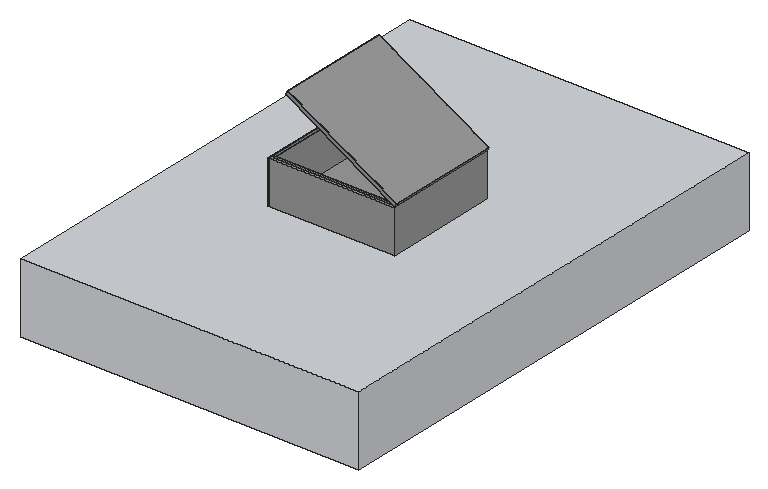
Revit family "Hager-Univers-IP44-D205-H500-Cl.II-Encl-FR-fr", category Equipement électrique, Revit 2020
Family settings
  Hôte = Face
  Configuration du panneau = Deux colonnes, circuits au sein
  Cote de connecteur circulaire = Utiliser le diamètre
  Type d'élément = Tableau de raccordement
  Couper avec des vides une fois chargée = Non
  Partagée = Non
  Point de calcul de pièce = Non
Parameters (values of type "saillie IP44 L550 H500 P205  - FP32QS")
  Width Control [instance] = if([EF000008 - largeur] > Min Width, [EF000008 - largeur], Min Width)  # 550 mm
  Commentaires du type = [HG000003 - Gamme]  # "Univers"
  Thickness Door [instance] = if([EF009171 - épaisseur de matériau de la porte/du couvercle] > 3 mm, 3 mm, [EF009171 - épaisseur de matériau de la porte/du couvercle])  # 1 mm
  Seal Frame Offset [instance] = 17 mm  # constant formula
  Plinth Visibility [instance] = [HG000027 - Hauteur du socle] > 0 mm  # no
  Model = ""
  Min Width [instance] = 100 mm  # constant formula
  Min Height [instance] = 100 mm  # constant formula
  Min Depth [instance] = (2 * [EF009170 - épaisseur de matériau du boîtier]) + 1 mm  # 3 mm
  Internal Frame Depth [instance] = (Door System Depth * 0.5)  # 9 mm
  Height Control [instance] = if([EF000040 - hauteur] > Min Height, [EF000040 - hauteur], Min Height)  # 500 mm
  HG000027 - Hauteur du socle = 0 mm
  HG000026 - Installation au sol = no
  HG000024 - Hauteur de la section basse = 800 mm
  HG000023 - Armoire double section = no
  HG000016 - Visibilité de la porte 3D [instance] = yes
  HG000015 - Visibilité de l'emprise de la porte [instance] = no
  HG000014 - Porte à droite [instance] = yes
  HG000013 - Porte à gauche [instance] = not([HG000014 - Porte à droite])  # no
  HG000012 - Angle de pivotement de la porte [instance] = 30.00°
  HG000010 - Portes asymétriques = no
  HG000009 - Porte à double battant = no
  HG000006 - Encastré = no
  HG000004 - Référence fabricant = "FP32QS"
  HG000003 - Gamme = "Univers"
  HG000002 - avec porte = yes
  Frame Offset Bottom [instance] = 10 mm  # constant formula
  Frame Offset [instance] = 15 mm  # constant formula
  EF015940 - couvercle avec décharge de pression = no
  EF011959 - degré de protection (NEMA) = ""
  EF009554 - nombre d'ouvertures pour plaques à bride = 4
  Fabricant = "Hager"  # constant formula
  EF009212 - finition du couvercle = "EV000116 - fermé"
  EF009171 - épaisseur de matériau de la porte/du couvercle = 1 mm
  EF009170 - épaisseur de matériau du boîtier = 1 mm
  EF008873 - courant nominal (In) = 250 A
  EF007800 - adapté à un parafoudre = no
  EF006306 - avec serrure = no
  EF006244 - couvercle/porte transparent(e) = no
  EF005474 - indice de protection (IP) = "EV006418 - IP44"
  EF004464 - type de porte = "EV002646 - unique"
  EF004427 - nombre de modules = 72
  EF004293 - indice de protection contre les chocs (IK) = "EV006815 - IK09"
  EF003532 - convient pour utilisation à l’extérieur = no
  EF002950 - largeur en nombre de modules = 24
  EF001613 - maintien de fonction = "EV000494 - sans"
  EF001596 - matériau du boîtier/corps = "EV000179 - acier"
  EF001131 - profondeur intérieure = 143 mm
  EF001088 - possibilité de montage en saillie = yes
  EF000437 - nombre d'entrées de conduit = 4
  EF000339 - type de capot = "EV001012 - couvercle"
  EF000266 - nombre de rangées = 3
  EF000218 - profondeur d'encastrement = 0 mm
  EF000118 - avec cadre/support de montage = no
  EF000116 - numéro RAL = "9010"
  EF000049 - profondeur = 205 mm
  EF000040 - hauteur = 500 mm
  EF000008 - largeur = 550 mm
  EF000007 - couleur = "EV000202 - blanc"
  EF000003 - mode de pose = "EV000384 - saillie"
  Door System Leaf Tolerance [instance] = 1.5 mm  # constant formula
  Door System Depth [instance] = 18 mm  # constant formula
  Door Height [instance] = Height Control - [HG000027 - Hauteur du socle]  # 500 mm
  Depth Control [instance] = if([EF000049 - profondeur] > Min Depth, [EF000049 - profondeur], Min Depth)  # 205 mm
  Default Elevation = 0 mm
  Connector Offset [instance] = Height Control / 2  # 250 mm
  Bottom Top Plate Trim [instance] = 1.5 mm  # constant formula
  Plinth height Ctrl [instance] = if([HG000027 - Hauteur du socle] > 0 mm, [HG000027 - Hauteur du socle], 12 mm)  # 12 mm
Types (2, lengths in mm): name | Width Control | HG000004 - Référence fabricant | EF009554 - nombre d'ouvertures pour plaques à bride | EF004427 - nombre de modules | EF002950 - largeur en nombre de modules | EF000437 - nombre d'entrées de conduit | EF000008 - largeur
  saillie IP44 L300 H500 P205  - FP31QS | 300 | "FP31QS" | 2 | 36 | 12 | 2 | 300
  saillie IP44 L550 H500 P205  - FP32QS | 550 | "FP32QS" | 4 | 72 | 24 | 4 | 550
Reference planes
  plane 1 "Center (Front/Back)": y = 0
  plane 2: z = 0
  plane 3 "Center (Left/Right)": x = 0
  plane 4: z = 205
  plane 5: y = 1
  plane 6: y = 250
  plane 7: y = 0
  plane 8: y = 500
  plane 9: z = 0
  plane 10: x = -260
  plane 11: x = 260
  plane 12: x = 259
  plane 13: x = -259
  plane 14: y = 499
  plane 15: x = -258
  plane 16: x = -275
  plane 17: x = 258
  plane 18: x = 275
  plane 19: x = 274
  plane 20: x = -274
  plane 21: y = 11
  plane 22: y = 500
  plane 23: y = 484
  plane 24: z = 187
  plane 25: z = 1
  plane 26: z = 186
  plane 27: z = 204
Forms (mm)
  Extrusion 1, solid
    sketch origin (0, 0, 0) x (1, 0, 0) y (0, 1, 0)
      loop
        line (-702.964, 1305) -> (-702.964, -811.445) -> (766.763, -811.445) -> (766.763, 1305) -> (-702.964, 1305)
    from 0 to -304.8
  Extrusion 2, solid, material "Hager_Steel_RAL7035_Light_Grey", visible <- "Plinth Visibility", detail levels medium+fine
    sketch origin (0, 0, 0) x (1, 0, 0) y (0, 1, 0)
      loop
        line (-275, 0) -> (275, 0) -> (275, 12) -> (-275, 12) -> (-275, 0)
    from 0 to 187
  Extrusion 3, solid, material "Hager_Steel_RAL7035_Light_Grey", detail levels medium+fine
    sketch origin (0, 0, 0) x (1, 0, 0) y (0, 1, 0)
      loop
        line (-275, 0) -> (275, 0) -> (275, 500) -> (-275, 500) -> (-275, 0)
    from 0 to 187
  Extrusion 4, void
    sketch origin (0, 0, 0) x (1, 0, 0) y (0, 1, 0)
      loop
        line (-274, 1) -> (274, 1) -> (274, 499) -> (-274, 499) -> (-274, 1)
    from 1 to 186
  Extrusion 5, void
    sketch origin (-381.607, -4572, 187) x (0, -1, 0) y (-1, 0, 0)
      loop
        line (-4583, -122.607) -> (-5056, -122.607) -> (-5056, -640.607) -> (-4583, -640.607) -> (-4583, -122.607)
    from 0 to 1 <- "EF009170 - épaisseur de matériau du boîtier"
  Extrusion 6, solid, material "Hager_Steel_RAL7035_Light_Grey", detail levels fine
    sketch origin (0, 0, 187) x (1, 0, 0) y (0, 1, 0)
      loop
        line (-259, 484) -> (-259, 11) -> (259, 11) -> (259, 484) -> (-259, 484)
      loop
        line (-260, 10) -> (260, 10) -> (260, 485) -> (-260, 485) -> (-260, 10)
    from 0 to 9 <- "Internal Frame Depth"
  Extrusion 7, solid, material "Hager_Steel_RAL7035_Light_Grey", detail levels coarse
    sketch origin (0, 0, 0) x (1, 0, 0) y (0, 1, 0)
      loop
        line (-275, 0) -> (275, 0) -> (275, 500) -> (-275, 500) -> (-275, 0)
    from 0 to 205
  Sweep 8, void
    path in 3D
      loop
        line (-275, 12, 0) -> (275, 12, 0) -> (275, 12, 187) -> (-275, 12, 187) -> (-275, 12, 0)
    profile origin (-275, 12, 93.5) x (-1, 0, 0) y (0, -1, 0)
      loop
        line (0, 0) -> (0, 1.5) -> (-1.5, 1.5)
        arc (-1.5, 1.5) -> (-1.061, 0.439) -> (0, 0) r 1.5
Cuts and joins
  Extrusion 4, Extrusion 5 cuts Extrusion 3
  Sweep 8 cuts Extrusion 2
Lines and regions (mm)
  Masking region 1
    outline origin (0, 0, 0) x (1, 0, 0) y (0, 0, 1)
      loop
        line (-275, 205) -> (-275, 0) -> (275, 0) -> (275, 205) -> (-275, 205)
  Masking region 2, detail levels medium+fine
    outline origin (0, 140, 0) x (0, 1, 0) y (0, 0, 1)
      loop
        line (-140, 0) -> (360, 0) -> (360, 187) -> (-140, 187) -> (-140, 0)
  Masking region 3, not visible, detail levels medium+fine
    outline origin (0, 297.922, 0) x (0, 1, 0) y (0, 0, 1)
      loop
        line (-36.422, 0) -> (3.578, 0) -> (3.578, 194)
        arc (3.578, 194) -> (0.649, 201.071) -> (-6.422, 204) r 10
        line (-6.422, 204) -> (-36.422, 204) -> (-36.422, 0)
  Masking region 4, detail levels coarse
    outline origin (0, 0, 180) x (0, 1, 0) y (0, 0, 1)
      loop
        line (0, -180) -> (500, -180) -> (500, 25) -> (0, 25) -> (0, -180)
  Masking region 5, visible <- "Plinth Visibility", detail levels medium+fine
    outline origin (0, 52.24, 12.345) x (0, 0, -1) y (0, 1, 0)
      loop
        line (10.845, -40.24) -> (-173.155, -40.24)
        arc (-173.155, -40.24) -> (-173.594, -41.301) -> (-174.655, -41.74) r 1.5
        line (-174.655, -41.74) -> (-174.655, -52.24) -> (12.345, -52.24) -> (12.345, -41.74)
        arc (12.345, -41.74) -> (11.285, -41.301) -> (10.845, -40.24) r 1.5
  Masking region 6, detail levels medium+fine
    outline origin (-381.607, -4572, 187) x (-1, 0, 0) y (0, -1, 0)
      loop
        line (-106.607, -5072) -> (-106.607, -4572) -> (-656.607, -4572) -> (-656.607, -5072) -> (-106.607, -5072)
  Masking region 7, visible <- "Plinth Visibility", detail levels medium+fine
    outline origin (-381.607, -4727, 187) x (-1, 0, 0) y (0, -1, 0)
      loop
        arc (-108.107, -4739) -> (-107.668, -4737.939) -> (-106.607, -4737.5) r 1.5
        line (-106.607, -4737.5) -> (-106.607, -4727) -> (-656.607, -4727) -> (-656.607, -4737.5)
        arc (-656.607, -4737.5) -> (-655.546, -4737.939) -> (-655.107, -4739) r 1.5
        line (-655.107, -4739) -> (-108.107, -4739)
  Masking region 8, detail levels coarse
    outline origin (-442.548, -4669.526, 187) x (-1, 0, 0) y (0, -1, 0)
      loop
        line (-167.548, -5169.526) -> (-167.548, -4669.526) -> (-717.548, -4669.526) -> (-717.548, -5169.526) -> (-167.548, -5169.526)
  sketch lines
    curve 1: line (-275, 12, 187) -> (-275, 12, 0)
    curve 2: line (275, 12, 187) -> (-275, 12, 187)
    curve 3: line (275, 12, 187) -> (275, 12, 0)
    curve 4: line (-275, 12, 0) -> (275, 12, 0)
Dimensions and locks
  "Depth Control": plane 4 to Extrusion 1
  "HG000027 - Hauteur du socle": plane 1 "Center (Front/Back)" to plane 7
  "EF009170 - épaisseur de matériau du boîtier": plane 5 to plane 7
  locked: connector elem to plane 3 "Center (Left/Right)"
  equal spacing: plane 8, plane 6, plane 7
  locked: connector elem to plane 6
  "EF009170 - épaisseur de matériau du boîtier": plane 8 to plane 14
  "EF009170 - épaisseur de matériau du boîtier": plane 10 to plane 13
  "EF009170 - épaisseur de matériau du boîtier": plane 12 to plane 11
  "Frame Offset": plane 20 to plane 13
  "Frame Offset": plane 12 to plane 19
  "EF009170 - épaisseur de matériau du boîtier": plane 16 to plane 20
  "EF009170 - épaisseur de matériau du boîtier": plane 19 to plane 18
  "Seal Frame Offset": plane 16 to plane 15
  "Seal Frame Offset": plane 17 to plane 18
  "Frame Offset Bottom": plane 21 to plane 5
  "Frame Offset": plane 14 to plane 23
  equal spacing: plane 16, plane 3 "Center (Left/Right)", plane 18
  "Width Control": plane 16 to plane 18
  "EF009170 - épaisseur de matériau du boîtier": plane 4 to plane 27
  "EF009170 - épaisseur de matériau du boîtier": plane 24 to plane 26
  "EF009170 - épaisseur de matériau du boîtier": plane 25 to level
  "Door System Depth": plane 4 to plane 24
  "Height Control": plane 1 "Center (Front/Back)" to Extrusion 7 sketch curve
  "Height Control": Masking region 4 sketch curve to plane 1 "Center (Front/Back)"
  "Height Control": plane 1 "Center (Front/Back)" to plane 22
  "Bottom Top Plate Trim": profile plane to Sweep 8 sketch curve
  "Bottom Top Plate Trim": Sweep 8 sketch curve to profile plane
  "Plinth height Ctrl": plane 1 "Center (Front/Back)" to Extrusion 2 sketch curve
  "Plinth height Ctrl": Masking region 5 sketch curve to plane 1 "Center (Front/Back)"
  "Plinth height Ctrl": plane 1 "Center (Front/Back)" to Masking region 7 sketch curve
  "Thickness Door": Extrusion 6 sketch curve to Extrusion 6 sketch curve  (x3)
  "Thickness Door": cut or joined group of Extrusion 3, Extrusion 4, Extrusion 5 to Extrusion 6 sketch curve
  radius of Masking region 3 sketch curve = 10 mm
  "Bottom Top Plate Trim": radius of Masking region 5 sketch curve  (x2)
  "Bottom Top Plate Trim": radius of Sweep 8 sketch curve
  "Bottom Top Plate Trim": radius of Masking region 7 sketch curve  (x2)
  aligned and locked: plane 2 to Extrusion 1
  aligned and locked: level to Extrusion 1
  aligned and locked: level to Masking region 1 sketch curve
  aligned and locked: Masking region 1 sketch curve to plane 18
  aligned and locked: Masking region 1 sketch curve to plane 16
  aligned and locked: plane 7 to Masking region 2 sketch curve
  aligned and locked: level to Masking region 3 sketch curve
  aligned and locked: Masking region 3 sketch curve to plane 27
  aligned and locked: level to Masking region 2 sketch curve
  aligned and locked: plane 1 "Center (Front/Back)" to Extrusion 2 sketch curve
  aligned and locked: Extrusion 3 sketch curve to plane 7
  aligned and locked: plane 16 to Extrusion 3 sketch curve
  aligned and locked: plane 18 to Extrusion 3 sketch curve
  aligned and locked: plane 20 to Extrusion 4 sketch curve
  aligned and locked: plane 19 to Extrusion 4 sketch curve
  aligned and locked: Extrusion 4 sketch curve to plane 5
  aligned and locked: Extrusion 4 to plane 25
  aligned and locked: plane 26 to Extrusion 4
  aligned and locked: plane 24 to Extrusion 3
  aligned and locked: Extrusion 5 sketch curve to plane 21
  aligned and locked: Extrusion 5 sketch curve to plane 13
  aligned and locked: Extrusion 5 sketch curve to plane 12
  aligned and locked: plane 18 to Extrusion 7 sketch curve
  aligned and locked: plane 1 "Center (Front/Back)" to Extrusion 7 sketch curve
  aligned and locked: plane 16 to Extrusion 7 sketch curve
  aligned and locked: plane 4 to Extrusion 7
  aligned and locked: Extrusion 7 to level
  aligned and locked: level to Masking region 4 sketch curve
  aligned and locked: Masking region 4 sketch curve to plane 1 "Center (Front/Back)"
  aligned and locked: Masking region 4 sketch curve to plane 4
  aligned and locked: nested 1 to level
  aligned and locked: nested 1 to plane 16
  aligned and locked: plane 8 to Extrusion 3 sketch curve
  aligned and locked: plane 23 to Extrusion 5 sketch curve
  aligned and locked: plane 14 to Extrusion 4 sketch curve
  aligned and locked: Masking region 2 sketch curve to plane 8
  aligned and locked: level to Masking region 5 sketch curve
  aligned and locked: plane 16 to Extrusion 2 sketch curve
  aligned and locked: plane 18 to Extrusion 2 sketch curve
  aligned and locked: Masking region 5 sketch curve to plane 24
  aligned and locked: Masking region 2 sketch curve to plane 24
  aligned and locked: plane 24 to Extrusion 2
  aligned and locked: profile plane to Sweep 8 sketch curve  (x2)
  aligned and locked: Masking region 6 sketch curve to plane 18
  aligned and locked: Masking region 6 sketch curve to plane 22
  aligned and locked: Masking region 6 sketch curve to plane 16
  aligned and locked: plane 8 to plane 22
  aligned and locked: plane 7 to Masking region 6 sketch curve
  aligned and locked: Masking region 7 sketch curve to plane 16
  aligned and locked: Masking region 7 sketch curve to plane 1 "Center (Front/Back)"
  aligned and locked: Masking region 7 sketch curve to plane 18
  aligned and locked: Masking region 8 sketch curve to plane 1 "Center (Front/Back)"
  aligned and locked: Masking region 8 sketch curve to plane 18
  aligned and locked: Masking region 8 sketch curve to plane 22
  aligned and locked: Masking region 8 sketch curve to plane 16
  aligned and locked: nested 2 to plane 7
  aligned and locked: plane 3 "Center (Left/Right)" to nested 2
  aligned and locked: nested 2 to plane 24
  aligned and locked: Extrusion 6 sketch curve to cut or joined group of Extrusion 3, Extrusion 4, Extrusion 5  (x4)
Automatic sketch dimensions
  Extrusion 1 sketch curve to Extrusion 1 sketch curve = 1469.727 mm
  Extrusion 1 sketch curve to Extrusion 1 sketch curve = 2116.445 mm
  Masking region 1 sketch curve to plane 4 = 0 mm
  plane 6 to Masking region 3 sketch curve = 11.5 mm
  Masking region 3 sketch curve to Masking region 3 sketch curve = 30 mm
  Masking region 5 sketch curve to plane 1 "Center (Front/Back)" = 0 mm
Nested families
  nested 1: "Hager_Enclosure_Symbol" at (-275, 0, 0) x (1, 0, 0) z (0, -1, 0), Height <- "Depth Control", Width <- "Width Control", type "Hager_Enclosure_Symbol"
    with Width_Ctrl 550 mm, Width 550 mm, Height_Ctrl 205 mm, Height 205 mm, A_Width_Int 13.453 mm, A_Width 161.438 mm, A_Height_Ctrl 179.375 mm, A_Height 179.375 mm
  nested 2: "EC000058_Univers_Door" at (0, 0, 187) x (1, 0, 0) z (0, 1, 0), Leaf_Tolerance <- "Door System Leaf Tolerance", Angle <- "HG000012 - Angle de pivotement de la porte", Door_Depth <- "Door System Depth", Door_Left <- "HG000013 - Porte à gauche", Transparent <- "EF006244 - couvercle/porte transparent(e)", Assymetrical <- "HG000010 - Portes asymétriques", Width <- "Width Control", Clearance <- "HG000015 - Visibilité de l'emprise de la porte", Double <- "HG000009 - Porte à double battant", 3d_Door <- "HG000016 - Visibilité de la porte 3D", Lock_Visibility <- "EF006306 - avec serrure", Width_Ctrl <- "Width Control", Door_Right <- "HG000014 - Porte à droite", Door <- "HG000002 - avec porte", Height <- "Door Height", Thickness <- "Thickness Door", type "EC000058_Univers_Door", detail levels medium+fine
    with min_wh 3 mm, Width_Ctrl 550 mm, Width 550 mm, Transparent no, Thickness 1 mm, Seal_Material Hager_Rubber, Lock_Visibility no, Lock_Material Hager_Plastic_RAL9005_Jet_Black, Leaf_Width 550 mm, Leaf_Tolerance_External_Sides 0 mm, Leaf_Tolerance 1.5 mm, Leaf_Offset 0 mm, Leaf_Height 497 mm, Leaf_2_Width 550 mm, Leaf_2_Offset 275 mm, Leaf_1_Width 550 mm, Leaf_1_Offset 275 mm, Height_Ctrl 500 mm, Height 500 mm, Glass_Material Hager_Glass, Double_Clearance_Ctrl no, Double no, Door_Right_Ctrl yes, Door_Right yes, Door_Material Hager_Steel_RAL7035_Light_Grey, Door_Left_Ctrl no, Door_Left no, Door_Depth 18 mm, Door yes, Clearance_Material Hager_Clearance, Clearance_Depth 550 mm, Clearance_Ctrl no, Clearance no, Assymetrical no, Angle 30.00°, 3d_Door yes
Connectors
  electrical at (0, 250, 0)
    settings: on plane 9, index 1, voltage 0 V, apparent load 0 VA, apparent load phase1 0 VA, apparent load phase2 0 VA, apparent load phase3 0 VA, power factor 1, load classification "Other", number of poles 1, system type 30, power factor state 1, is connector primary yes, connector utility no, sub classification motor no, connector description ""
Definition of nested family "EC000058_Univers_Door"
  Parameters (values of type "EC000058_Univers_Door")
    min_wh [instance] = (2 * Thickness) + 1 mm  # 11 mm
    Width_Ctrl [instance] = 400 mm
    Width [instance] = 500 mm
    Transparent [instance] = yes
    Thickness [instance] = 5 mm
    Seal_Material [instance] = none
    Lock_Visibility [instance] = yes
    Lock_Material [instance] = none
    Leaf_Width [instance] = if((Width_Ctrl - 2 * Leaf_Tolerance_External_Sides) > 0 mm, (Width_Ctrl - 2 * Leaf_Tolerance_External_Sides), min_wh)  # 400 mm
    Leaf_Tolerance_External_Sides [instance] = 0 mm  # constant formula
    Leaf_Tolerance [instance] = 1.5 mm
    Leaf_Offset [instance] = 0 mm  # constant formula
    Leaf_Height [instance] = if((Height_Ctrl - 2 * Leaf_Tolerance) > 0 mm, (Height_Ctrl - 2 * Leaf_Tolerance), min_wh)  # 497 mm
    Leaf_2_Width [instance] = if(and(and(Double, Assymetrical), Door_Left), (Leaf_Width / 3) - (Leaf_Tolerance / 2), if(and(and(Double, Assymetrical), Door_Right), (Leaf_Width / 3) * 2 - (Leaf_Tolerance / 2), if(and(Double, not(Assymetrical)), (Leaf_Width / 2) - Leaf_Tolerance, Leaf_Width)))  # 400 mm
    Leaf_2_Offset [instance] = if(and(Double, Assymetrical), Leaf_2_Width / 2, if(and(Double, not(Assymetrical)), Leaf_Width / 4, Leaf_Width / 2))  # 200 mm
    Leaf_1_Width [instance] = if(and(and(Double, Assymetrical), Door_Right), (Leaf_Width / 3) - (Leaf_Tolerance / 2), if(and(and(Double, Assymetrical), Door_Left), (Width / 3) * 2 - (Leaf_Tolerance / 2), if(and(Double, not(Assymetrical)), (Leaf_Width / 2) - Leaf_Tolerance, Leaf_Width)))  # 400 mm
    Leaf_1_Offset [instance] = if(and(Double, Assymetrical), Leaf_1_Width / 2, if(and(Double, not(Assymetrical)), Leaf_Width / 4, Leaf_Width / 2))  # 200 mm
    Height_Ctrl [instance] = if(Height > min_wh, Height, min_wh)  # 500 mm
    Height [instance] = 500 mm
    Glass_Material [instance] = none
    Double_Clearance_Ctrl [instance] = and(Double, Clearance)  # no
    Double [instance] = no
    Door_Right_Ctrl [instance] = and(or(Door_Right, Double), Door)  # yes
    Door_Right [instance] = yes
    Door_Material [instance] = none
    Door_Left_Ctrl [instance] = and(or(Door_Left, Double), Door)  # no
    Door_Left [instance] = no
    Door_Depth [instance] = 30 mm
    Door [instance] = yes
    Default Elevation = 1219.2 mm
    Clearance_Material [instance] = none
    Clearance_Depth [instance] = if(Leaf_1_Width > Leaf_2_Width, Leaf_1_Width, Leaf_2_Width)  # 400 mm
    Clearance_Ctrl [instance] = and(not(Double), Clearance)  # yes
    Clearance [instance] = yes
    Assymetrical [instance] = yes
    Angle [instance] = 30.00°
    3d_Door [instance] = yes
  Reference planes
    plane 1 "Center (Front/Back)": y = 0
    plane 2 "Bottom": z = 0
    plane 3 "Center (Left/Right)": x = 0
    plane 4: z = 500
    plane 5: x = -200
    plane 6: x = 200
    plane 7: z = 500
    plane 8: x = -200
    plane 9: z = 0
    plane 10: x = 200
    plane 11: y = 0
    plane 12: z = 1.5
    plane 13: x = -600
    plane 14: y = -400
    plane 15: x = 600
    plane 16: x = 0
    plane 17: x = 0
    plane 18: x = -200
    plane 19: x = 200
    plane 20: z = 498.5
  Forms (mm)
    Extrusion 1, solid, material <- "Clearance_Material", visible <- "Double_Clearance_Ctrl"
      sketch origin (1200, 0, 0) x (1, 0, 0) y (0, 0, -1)
        loop
          line (-1800, -498.5) -> (-600, -498.5) -> (-600, 0) -> (-1800, 0) -> (-1800, -498.5)
      from 0 to -400
  Dimensions and locks
    equal spacing: plane 5, plane 3 "Center (Left/Right)", plane 6
    "Width_Ctrl": plane 5 to plane 6
    "Leaf_Offset": plane 5 to plane 8
    "Leaf_Offset": plane 6 to plane 10
    "Leaf_Offset": plane 9 to level
    "Leaf_Offset": plane 4 to plane 7
    "Height_Ctrl": plane 4 to level
    "Leaf_Tolerance": plane 12 to plane 9
    locked: plane 11 to plane 1 "Center (Front/Back)"
    "Leaf_1_Offset": plane 18 to plane 16
    "Leaf_2_Offset": plane 17 to plane 19
    "Leaf_1_Width": plane 13 to plane 8
    "Leaf_2_Width": plane 10 to plane 15
    "Clearance_Depth": plane 14 to plane 1 "Center (Front/Back)"
    "Leaf_Tolerance_External_Sides": plane 8 to plane 18
    "Leaf_Tolerance_External_Sides": plane 19 to plane 10
    "Leaf_Tolerance": plane 7 to plane 20
    aligned and locked: level to plane 2 "Bottom"
    aligned and locked: nested 1 to plane 16
    aligned and locked: nested 2 to plane 17
    aligned and locked: Extrusion 1 to plane 13
    aligned and locked: plane 15 to Extrusion 1
    aligned and locked: Extrusion 1 to plane 14
    aligned and locked: plane 12 to nested 1
    aligned and locked: nested 2 to plane 12
    aligned and locked: Extrusion 1 to plane 11
    aligned and locked: plane 20 to Extrusion 1
    aligned and locked: nested 2 to plane 11
    aligned and locked: nested 1 to plane 11
  Automatic sketch dimensions
    Extrusion 1 sketch curve to level = 0 mm
    plane 5 to Extrusion 1 sketch curve = 400 mm
    plane 6 to Extrusion 1 sketch curve = 400 mm
    Extrusion 1 sketch curve to plane 4 = 1.5 mm
  Nested families
    nested 1: "EC000058_Univers_Door_Leaf" at (0, 0, 1.5), Width <- "Leaf_1_Width", visible <- "Door_Left_Ctrl", Leaf_Height <- "Leaf_Height", Angle <- "Angle", 3d_Door <- "3d_Door", Transparent <- "Transparent", Clearance Material <- "Clearance_Material", Clearance <- "Clearance_Ctrl", Door_Material <- "Door_Material", Glass_Material <- "Glass_Material", Door_Depth <- "Door_Depth", Lock_Material <- "Lock_Material", Seal_Material <- "Seal_Material", Lock_Visibility <- "Lock_Visibility", Thickness <- "Thickness", type "EC000058_Univers_Door_Leaf"
      with Width 400 mm, Transparent_Glass_Offset 30 mm, Transparent_Ctrl yes, Transparent yes, Thickness 5 mm, Standard no, Seal_Material none, Seal_D2 8 mm, Seal_D1 1 mm, Offset_Internal_Frame 10 mm, Lock_Width 20 mm, Lock_Visibility_3d yes, Lock_Visibility yes, Lock_Thickness_3 3 mm, Lock_Thickness_2 1 mm, Lock_Thickness_1 3 mm, Lock_Radius_Offset_2 16 mm, Lock_Radius_Offset_1 15 mm, Lock_Radius_2 5 mm, Lock_Radius 6 mm, Lock_Offset 5 mm, Lock_Material none, Lock_Height 80 mm, Lock_Cover_Top_Offset_2d 17 mm, Lock_Cover_Height -65 mm, Leaf_Height 497 mm, Internal_Seal_Thickness 8 mm, Internal_Seal_Depth_2 4.5 mm, Internal_Frame_Depth 25 mm, Glass_Thickness -1 mm, Glass_Offset -2 mm, Glass_Material none, Door_Material none, Door_Depth 30 mm, Clearance Material none, Clearance yes, Angle_Ctrl 30.00°, Angle 30.00°, 3d_Door yes
    nested 2: "EC000058_Univers_Door_Leaf" at (0, 0, 1.5) x (-1, 0, 0) z (0, 0, 1), Width <- "Leaf_2_Width", visible <- "Door_Right_Ctrl", Leaf_Height <- "Leaf_Height", Angle <- "Angle", 3d_Door <- "3d_Door", Transparent <- "Transparent", Clearance Material <- "Clearance_Material", Clearance <- "Clearance_Ctrl", Door_Material <- "Door_Material", Glass_Material <- "Glass_Material", Door_Depth <- "Door_Depth", Lock_Material <- "Lock_Material", Seal_Material <- "Seal_Material", Lock_Visibility <- "Lock_Visibility", Thickness <- "Thickness", type "EC000058_Univers_Door_Leaf"
      with Width 400 mm, Transparent_Glass_Offset 30 mm, Transparent_Ctrl yes, Transparent yes, Thickness 5 mm, Standard no, Seal_Material none, Seal_D2 8 mm, Seal_D1 1 mm, Offset_Internal_Frame 10 mm, Lock_Width 20 mm, Lock_Visibility_3d yes, Lock_Visibility yes, Lock_Thickness_3 3 mm, Lock_Thickness_2 1 mm, Lock_Thickness_1 3 mm, Lock_Radius_Offset_2 16 mm, Lock_Radius_Offset_1 15 mm, Lock_Radius_2 5 mm, Lock_Radius 6 mm, Lock_Offset 5 mm, Lock_Material none, Lock_Height 80 mm, Lock_Cover_Top_Offset_2d 17 mm, Lock_Cover_Height -65 mm, Leaf_Height 497 mm, Internal_Seal_Thickness 8 mm, Internal_Seal_Depth_2 4.5 mm, Internal_Frame_Depth 25 mm, Glass_Thickness -1 mm, Glass_Offset -2 mm, Glass_Material none, Door_Material none, Door_Depth 30 mm, Clearance Material none, Clearance yes, Angle_Ctrl 30.00°, Angle 30.00°, 3d_Door yes
  Definition of nested family "EC000058_Univers_Door_Leaf"
    Parameters (values of type "EC000058_Univers_Door_Leaf")
      Width [instance] = 2000 mm
      Transparent_Glass_Offset [instance] = 30 mm
      Transparent_Ctrl [instance] = and(Transparent, [3d_Door])  # yes
      Transparent [instance] = yes
      Thickness [instance] = 5 mm
      Standard [instance] = and(not(Transparent), [3d_Door])  # no
      Seal_Material [instance] = none
      Seal_D2 [instance] = 8 mm  # constant formula
      Seal_D1 [instance] = 1 mm  # constant formula
      Offset_Internal_Frame [instance] = 10 mm  # constant formula
      Lock_Width [instance] = 20 mm  # constant formula
      Lock_Visibility_3d [instance] = and(Lock_Visibility, [3d_Door])  # yes
      Lock_Visibility [instance] = yes
      Lock_Thickness_3 [instance] = 3 mm  # constant formula
      Lock_Thickness_2 [instance] = 1 mm  # constant formula
      Lock_Thickness_1 [instance] = 3 mm  # constant formula
      Lock_Radius_Offset_2 [instance] = Lock_Radius_Offset_1 + 1 mm  # 16 mm
      Lock_Radius_Offset_1 [instance] = 15 mm  # constant formula
      Lock_Radius_2 [instance] = Lock_Radius - 1 mm  # 5 mm
      Lock_Radius [instance] = 6 mm  # constant formula
      Lock_Offset [instance] = 5 mm  # constant formula
      Lock_Material [instance] = none
      Lock_Height [instance] = 80 mm  # constant formula
      Lock_Cover_Top_Offset_2d [instance] = Lock_Radius_Offset_2 + 1 mm  # 17 mm
      Lock_Cover_Height [instance] = -(Lock_Height - Lock_Radius_Offset_1)  # -65 mm
      Leaf_Height [instance] = 2720.336 mm
      Internal_Seal_Thickness [instance] = 8 mm  # constant formula
      Internal_Seal_Depth_2 [instance] = 4.5 mm  # constant formula
      Internal_Frame_Depth [instance] = if(Door_Depth - Thickness > 5 mm, Door_Depth - Thickness, 5 mm)  # 25 mm
      Glass_Thickness [instance] = if(Thickness > 15 mm, Glass_Offset + 10 mm, -1 mm)  # -1 mm
      Glass_Offset [instance] = if(Thickness > 15 mm, -(Thickness + 10 mm) / 2, -2 mm)  # -2 mm
      Glass_Material [instance] = none
      Door_Material [instance] = none
      Door_Depth [instance] = 30 mm
      Default Elevation = 0 mm
      Clearance Material [instance] = none
      Clearance [instance] = yes
      Angle_Ctrl [instance] = if(Angle > 180.00°, 180.00°, Angle)  # 90.00°
      Angle [instance] = 90.00°
      3d_Door [instance] = yes
    Reference planes
      plane 1 "Center (Front/Back)": y = 0
      plane 2: z = 0
      plane 3 "Center (Left/Right)": x = 0
      plane 4: y = 2000
      plane 5: x = -1000
      plane 6: x = 1000
      plane 7: x = -3000
      plane 8: z = 2720.336
      plane 9: z = 30
      plane 10: z = 2690.336
      plane 11: x = 970
      plane 12: x = -970
      plane 13: y = -3
      plane 14: z = 107.833
      plane 15: y = -5
      plane 16: y = -223.314
      plane 17: x = -1000
      plane 18: z = 1360.168
      plane 19: y = 30
    Forms (mm)
      Extrusion 1, solid, material <- "Clearance Material", visible <- "Clearance"
        sketch origin (0, 0, 0) x (1, 0, 0) y (0, 0, 1)
          loop
            line (-3000, 2720.336) -> (-3000, 0) -> (1000, 0) -> (1000, 2720.336) -> (-3000, 2720.336)
        from 0 to -2000
      Extrusion 2, solid, material <- "Door_Material", visible <- "Standard", detail levels medium+fine
        sketch origin (-1000, 0, 0) x (0, 1, 0) y (-1, 0, 0)
          loop
            line (0, 30) -> (0, 25) -> (2000, 25) -> (2000, 30) -> (0, 30)
        from 0 to 2720.336 <- "Leaf_Height"
      Extrusion 3, solid, material <- "Door_Material", visible <- "Transparent_Ctrl", detail levels medium+fine
        sketch origin (-1000, 0, 0) x (0, 1, 0) y (-1, 0, 0)
          loop
            line (0, 25) -> (2000, 25) -> (2000, 30) -> (0, 30) -> (0, 25)
        from 0 to 2720.336 <- "Leaf_Height"
      Extrusion 4, void
        sketch origin (-1025, 2000, 0) x (0, 1, 0) y (0, 0, -1)
          loop
            line (-30, -2690.336) -> (-30, -30) -> (-1970, -30) -> (-1970, -2690.336) -> (-30, -2690.336)
        from 0 to 5 <- "Thickness"
      Sweep 5, solid, material <- "Seal_Material", visible <- "Transparent_Ctrl", detail levels fine
        path in 3D
          loop
            line (-1025, 30, 30) -> (-1025, 30, 2690.336) -> (-1025, 1970, 2690.336) -> (-1025, 1970, 30) -> (-1025, 30, 30)
        profile origin (-1025, 1000, 30) x (1, 0, 0) y (0, 0, 1)
          loop
            line (0, 0) -> (0, -8) -> (1, -8) -> (1, 0) -> (0, 0)
      Extrusion 6, solid, material <- "Glass_Material", visible <- "Transparent_Ctrl", detail levels medium+fine
        sketch origin (-1030, 0, 0) x (0, 1, 0) y (0, 0, -1)
          loop
            line (1970, -2690.336) -> (1970, -30) -> (30, -30) -> (30, -2690.336) -> (1970, -2690.336)
        from -2 <- "Glass_Offset" to -1 <- "Glass_Thickness"
      Extrusion 7, solid, material <- "Door_Material", visible <- "3d_Door", detail levels medium+fine
        sketch origin (-1025, 2000, 0) x (0, -1, 0) y (0, 0, -1)
          loop
            line (0, -2720.336) -> (2000, -2720.336) -> (2000, 0) -> (0, 0) -> (0, -2720.336)
          loop
            line (1995, -5) -> (5, -5) -> (5, -2715.336) -> (1995, -2715.336) -> (1995, -5)
        from 0 to 25 <- "Internal_Frame_Depth"
      Sweep 8, solid, material <- "Seal_Material", visible <- "Transparent_Ctrl", detail levels fine
        path in 3D
          loop
            line (-1025, 0, 0) -> (-1025, 2000, 0) -> (-1025, 2000, 2720.336) -> (-1025, 0, 2720.336) -> (-1025, 0, 0)
        profile origin (-1025, 0, 1360.168) x (1, 0, 0) y (0, 1, 0)
          loop
            line (0, 10) -> (2.975, 10)
            arc (2.975, 10) -> (4.053, 10.447) -> (4.5, 11.525) r 1.525
            line (4.5, 11.525) -> (4.5, 16.527)
            arc (4.5, 16.527) -> (4.069, 17.569) -> (3.027, 18) r 1.473
            line (3.027, 18) -> (0, 18) -> (0, 10)
      Extrusion 9, solid, material <- "Lock_Material", visible <- "Lock_Visibility_3d", detail levels fine
        sketch origin (-1030, 0, 0) x (0, 1, 0) y (0, 0, -1)
          loop
            arc (1993.5, -1400.168) -> (1994.561, -1399.729) -> (1995, -1398.668) r 1.5
            line (1995, -1398.668) -> (1995, -1320.168) -> (1975, -1320.168) -> (1975, -1398.668)
            arc (1975, -1398.668) -> (1975.439, -1399.729) -> (1976.5, -1400.168) r 1.5
            line (1976.5, -1400.168) -> (1993.5, -1400.168)
        from 3 <- "Lock_Thickness_1" to 0
      Blend 10, solid, material <- "Lock_Material", visible <- "Lock_Visibility_3d", detail levels fine
        base sketch origin (-1033, 0, 0) x (0, 1, 0) y (0, 0, -1)
          loop
            line (1975, -1320.168) -> (1975, -1398.668)
            arc (1975, -1398.668) -> (1975.439, -1399.729) -> (1976.5, -1400.168) r 1.5
            line (1976.5, -1400.168) -> (1993.5, -1400.168)
            arc (1993.5, -1400.168) -> (1994.561, -1399.729) -> (1995, -1398.668) r 1.5
            line (1995, -1398.668) -> (1995, -1320.168) -> (1975, -1320.168)
        top sketch origin (-1033, 0, 0) x (0, 1, 0) y (0, 0, -1)
          loop
            line (1976, -1320.168) -> (1976, -1398.668)
            arc (1976, -1398.668) -> (1976.146, -1399.022) -> (1976.5, -1399.168) r 0.5
            line (1976.5, -1399.168) -> (1993.5, -1399.168)
            arc (1993.5, -1399.168) -> (1993.854, -1399.022) -> (1994, -1398.668) r 0.5
            line (1994, -1398.668) -> (1994, -1320.168) -> (1976, -1320.168)
        from 0 to 1 <- "Lock_Thickness_2"
      Blend 11, solid, material <- "Lock_Material", visible <- "Lock_Visibility_3d", detail levels fine
        base sketch origin (-1034, 0, 0) x (0, 1, 0) y (0, 0, -1)
          loop
            line (1978, -1320.168) -> (1978, -1384.168)
            arc (1978, -1384.168) -> (1985, -1391.168) -> (1992, -1384.168) r 7
            line (1992, -1384.168) -> (1992, -1320.168) -> (1978, -1320.168)
        top sketch origin (-1034, 0, 0) x (0, 1, 0) y (0, 0, -1)
          loop
            line (1991, -1320.168) -> (1979, -1320.168) -> (1979, -1383.168)
            arc (1979, -1383.168) -> (1985, -1389.168) -> (1991, -1383.168) r 6
            line (1991, -1383.168) -> (1991, -1320.168)
        from 0 to 3 <- "Lock_Thickness_3"
      Extrusion 12, solid, material <- "Lock_Material", visible <- "Lock_Visibility_3d", detail levels fine
        sketch origin (-1030, 1975, 1320.168) x (1, 0, 0) y (0, -1, 0)
          loop
            line (-7, -19) -> (-7, -1) -> (0, -1) -> (0, 0) -> (-8, 0) -> (-8, -20) -> (0, -20) -> (0, -19) -> (-7, -19)
        from 0 to -65 <- "Lock_Cover_Height"
      Extrusion 13, void
        sketch origin (-1038, 1995, 1320.168) x (-1, 0, 0) y (0, 0, -1)
          loop
            line (-5, -65) -> (0, -65) -> (-5, -60) -> (-5, -65)
        from 0 to 20 <- "Lock_Width"
      Extrusion 14, void
        sketch origin (-1038, 1975, 1320.168) x (0, -1, 0) y (0, 0, -1)
          loop
            circle (-10, -15.995) r 6
          loop
            circle (-10, -15.995) r 5
        from 0 to 2
      Extrusion 15, solid, material <- "Lock_Material", visible <- "Lock_Visibility_3d", detail levels medium
        sketch origin (-1030, 0, 0) x (0, 1, 0) y (0, 0, -1)
          loop
            arc (1993.5, -1400.168) -> (1994.561, -1399.729) -> (1995, -1398.668) r 1.5
            line (1995, -1398.668) -> (1995, -1320.168) -> (1975, -1320.168) -> (1975, -1398.668)
            arc (1975, -1398.668) -> (1975.439, -1399.729) -> (1976.5, -1400.168) r 1.5
            line (1976.5, -1400.168) -> (1993.5, -1400.168)
        from 8 to 0
    Cuts and joins
      Extrusion 4 cuts Extrusion 3
      Extrusion 13, Extrusion 14 cuts Extrusion 9
      Extrusion 14 cuts Blend 11
      Extrusion 13, Extrusion 14 cuts Extrusion 12
      joined: Extrusion 9, Blend 10, Blend 11, Extrusion 12
      Extrusion 14 cuts Extrusion 15
    Lines and regions (mm)
      Masking region 1, visible <- "Lock_Visibility", detail levels fine
        outline origin (0, 0, 0) x (0, 1, 0) y (0, 0, 1)
          loop
            line (30, 1320.168) -> (33, 1320.168) -> (33, 1400.168) -> (30, 1400.168) -> (30, 1320.168)
      Masking region 2, visible <- "Lock_Visibility", detail levels fine
        outline origin (0, 3.143, 0) x (0, 1, 0) y (0, 0, 1)
          loop
            line (29.857, 1354.168) -> (30.857, 1354.168) -> (30.857, 1366.168) -> (29.857, 1366.168) -> (29.857, 1354.168)
      Masking region 3, detail levels medium+fine
        outline origin (0, 0, 0) x (0, 1, 0) y (0, 0, 1)
          loop
            line (0, 0) -> (30, 0) -> (30, 2720.336) -> (0, 2720.336) -> (0, 0)
      Masking region 4, detail levels medium+fine
        outline origin (0, 0, 0) x (1, 0, 0) y (0, 0, 1)
          loop
            line (-1000, 2720.336) -> (-1000, 0) -> (1000, 0) -> (1000, 2720.336) -> (-1000, 2720.336)
      Masking region 5, visible <- "Lock_Visibility", detail levels fine
        outline origin (-47.116, 0, 0) x (1, 0, 0) y (0, 0, 1)
          loop
            arc (1024.616, 1399.168) -> (1023.556, 1398.729) -> (1023.116, 1397.668) r 1.5
            line (1023.116, 1397.668) -> (1023.116, 1320.168) -> (1041.116, 1320.168) -> (1041.116, 1397.668)
            arc (1041.116, 1397.668) -> (1040.677, 1398.729) -> (1039.616, 1399.168) r 1.5
            line (1039.616, 1399.168) -> (1024.616, 1399.168)
      Masking region 6, visible <- "Lock_Visibility", detail levels medium+fine
        outline origin (-25, 0, 0) x (1, 0, 0) y (0, 0, 1)
          loop
            arc (1001.5, 1400.168) -> (1000.439, 1399.729) -> (1000, 1398.668) r 1.5
            line (1000, 1398.668) -> (1000, 1320.168) -> (1020, 1320.168) -> (1020, 1398.668)
            arc (1020, 1398.668) -> (1019.561, 1399.729) -> (1018.5, 1400.168) r 1.5
            line (1018.5, 1400.168) -> (1001.5, 1400.168)
      Masking region 7, visible <- "Lock_Visibility", detail levels fine
        outline origin (-73.735, 0, 0) x (1, 0, 0) y (0, 0, 1)
          loop
            line (1051.735, 1382.168) -> (1065.735, 1382.168) -> (1065.735, 1384.168)
            arc (1065.735, 1384.168) -> (1058.735, 1391.168) -> (1051.735, 1384.168) r 7
            line (1051.735, 1384.168) -> (1051.735, 1382.168)
      Masking region 8, visible <- "Lock_Visibility", detail levels fine
        outline origin (-73.735, 0, 0) x (1, 0, 0) y (0, 0, 1)
          loop
            line (1052.735, 1382.168) -> (1064.735, 1382.168) -> (1064.735, 1383.168)
            arc (1064.735, 1383.168) -> (1058.735, 1389.168) -> (1052.735, 1383.168) r 6
            line (1052.735, 1383.168) -> (1052.735, 1382.168)
      Masking region 9, visible <- "Lock_Visibility", detail levels fine
        outline origin (-25, 0, 0) x (1, 0, 0) y (0, 0, 1)
          loop
            line (1020, 1320.168) -> (1020, 1382.168) -> (1000, 1382.168) -> (1000, 1320.168) -> (1020, 1320.168)
      Masking region 10, detail levels medium+fine
        outline origin (0, 0, 0) x (1, 0, 0) y (0, 0, 1)
          loop
            circle (985, 1335.144) r 6
      Masking region 11, detail levels fine
        outline origin (0, 0, 0) x (1, 0, 0) y (0, 0, 1)
          loop
            circle (985, 1335.144) r 5
      Masking region 12, visible <- "Lock_Visibility", detail levels fine
        outline origin (0, 12.767, 0) x (0, 1, 0) y (0, 0, 1)
          loop
            line (20.233, 1320.168) -> (21.233, 1320.168) -> (21.233, 1399.168) -> (20.233, 1400.168) -> (20.233, 1320.168)
      Masking region 13, visible <- "Lock_Visibility", detail levels fine
        outline origin (0, 13.767, -10) x (0, 1, 0) y (0, 0, 1)
          loop
            line (20.233, 1330.168) -> (23.233, 1330.168) -> (23.233, 1399.168) -> (20.233, 1402.168) -> (20.233, 1330.168)
      Masking region 14, visible <- "Lock_Visibility", detail levels fine
        outline origin (0, 12.767, -10) x (0, 1, 0) y (0, 0, 1)
          loop
            line (20.233, 1330.168) -> (25.233, 1330.168) -> (25.233, 1399.305) -> (20.233, 1394.305) -> (20.233, 1330.168)
      Masking region 15, visible <- "Lock_Visibility", detail levels medium
        outline origin (0, 0, 0) x (0, 1, 0) y (0, 0, 1)
          loop
            line (30, 1320.168) -> (38, 1320.168) -> (38, 1400.168) -> (30, 1400.168) -> (30, 1320.168)
      Masking region 16, visible <- "Lock_Visibility", detail levels fine
        outline origin (-1000, 0, 0) x (0, 1, 0) y (-1, 0, 0)
          loop
            line (1975, 30) -> (1995, 30) -> (1995, 38) -> (1975, 38) -> (1975, 30)
          loop
            line (1979, 37) -> (1976, 37) -> (1976, 34) -> (1978, 34) -> (1979, 37)
          loop
            line (1994, 37) -> (1991, 37) -> (1992, 34) -> (1994, 34) -> (1994, 37)
      Masking region 17, visible <- "Lock_Visibility", detail levels medium
        outline origin (-1000, 0, 0) x (0, 1, 0) y (-1, 0, 0)
          loop
            line (1975, 30) -> (1995, 30) -> (1995, 38) -> (1975, 38) -> (1975, 30)
      symbolic lines
        curve 1: line (1000, 0, 0) -> (-3000, 0, 0)
        curve 2: arc (1000, 0, 0) -> (-1000, 2000, 0) -> (-3000, 0, 0) r 2000
        curve 4: line (-1030, 0, 0) -> (-1030, 2000, 0)
      reference lines
        curve 3: line (-1000, 0, 0) -> (-1000, 2000, 0)
      symbolic lines, detail levels medium+fine
        curve 5: line (-1030, 2000, 0) -> (-1025, 2000, 0)
        curve 7: line (-1025, 0, 0) -> (-1030, 0, 0)
        curve 8: line (-1025, 0, 0) -> (-1000, 0, 0)
        curve 9: line (-1000, 0, 0) -> (-1000, 2000, 0)
        curve 10: line (-1000, 2000, 0) -> (-1025, 2000, 0)
      symbolic lines, detail levels fine
        curve 6: line (-1025, 2000, 0) -> (-1025, 0, 0)
      sketch lines
        curve 11: line (-1025, 0, 2720.336) -> (-1025, 0, 0)
        curve 12: line (-1025, 2000, 0) -> (-1025, 0, 0)
        curve 13: line (-1025, 2000, 2720.336) -> (-1025, 2000, 0)
        curve 14: line (-1025, 0, 2720.336) -> (-1025, 2000, 2720.336)
        curve 15: line (-1025, 1970, 30) -> (-1025, 30, 30)
        curve 16: line (-1025, 30, 30) -> (-1025, 30, 2690.336)
        curve 17: line (-1025, 1970, 2690.336) -> (-1025, 1970, 30)
        curve 18: line (-1025, 30, 2690.336) -> (-1025, 1970, 2690.336)
      symbolic lines, visible <- "Transparent", detail levels medium+fine
        curve 19: line (-970, 0, 2690.336) -> (970, 0, 2690.336)
        curve 20: line (-970, 0, 30) -> (-970, 0, 2690.336)
        curve 21: line (970, 0, 30) -> (-970, 0, 30)
        curve 22: line (970, 0, 2690.336) -> (970, 0, 30)
    Dimensions and locks
      "Width": plane 1 "Center (Front/Back)" to plane 4
      equal spacing: plane 5, plane 3 "Center (Left/Right)", plane 6
      "Width": plane 5 to plane 6
      "Width": plane 7 to plane 5
      "Leaf_Height": plane 8 to level
      "Width": curve 5 to curve 3
      "Width": curve 3 to curve 3
      plane 8 to plane 10 = 30 mm
      plane 9 to level = 30 mm
      plane 12 to plane 5 = 30 mm
      plane 6 to plane 11 = 30 mm
      Extrusion 1 to Extrusion 4 sketch curve = 30 mm
      "Transparent_Glass_Offset": curve 3 to Extrusion 4 sketch curve
      "Transparent_Glass_Offset": Extrusion 4 sketch curve to cut or joined group of Extrusion 3, Extrusion 4  (x2)
      cut or joined group of Extrusion 3, Extrusion 4 to Extrusion 6 sketch curve = 30 mm
      "Transparent_Glass_Offset": cut or joined group of Extrusion 3, Extrusion 4 to Extrusion 4 sketch curve
      "Thickness": curve 6 to curve 4
      "Thickness": Extrusion 7 sketch curve to Extrusion 7 sketch curve  (x4)
      "Door_Depth": curve 4 to curve 3
      "Offset_Internal_Frame": profile plane to Sweep 8 sketch curve
      "Internal_Seal_Thickness": Sweep 8 sketch curve to Sweep 8 sketch curve
      "Internal_Seal_Depth_2": profile plane to Sweep 8 sketch curve
      "Seal_D1": profile plane to Sweep 5 sketch curve
      "Seal_D2": profile plane to Sweep 5 sketch curve
      "Thickness": Extrusion 2 sketch curve to Extrusion 2 sketch curve
      equal spacing: Extrusion 9 sketch curve, plane 18, Extrusion 9 sketch curve  (x2)
      equal spacing: Masking region 1 sketch curve, plane 18, Masking region 1 sketch curve
      "Lock_Height": Masking region 1 sketch curve to Masking region 1 sketch curve
      "Lock_Radius": Masking region 2 sketch curve to plane 18 to Masking region 2 sketch curve
      Masking region 2 sketch curve to Masking region 1 = 1 mm
      "Door_Depth": plane 19 to plane 1 "Center (Front/Back)"
      "Lock_Thickness_1": Masking region 1 sketch curve to plane 19
      "Lock_Width": Extrusion 9 sketch curve to Extrusion 9 sketch curve
      "Lock_Height": Extrusion 9 sketch curve to Extrusion 9 sketch curve
      "Lock_Offset": cut or joined group of Extrusion 3, Extrusion 4 to Extrusion 9 sketch curve
      equal spacing: plane 8, plane 18, level
      "Lock_Radius_Offset_1": Blend 11 sketch curve to Blend 10
      locked: Blend 10 to Blend 11 sketch curve at 2  (x2)
      locked: var sketch to Blend 11 sketch curve at 1  (x2)
      "Lock_Radius_Offset_2": Blend 11 sketch curve to Blend 10
      locked: Extrusion 12 sketch curve to Extrusion 12 sketch curve at 1  (x3)
      Masking region 6 sketch curve to Masking region 6 sketch curve = 80 mm
      "Lock_Height": Masking region 6 sketch curve to Masking region 6 sketch curve
      "Lock_Width": Masking region 6 sketch curve to Masking region 6 sketch curve
      locked: Masking region 6 to Masking region 5 sketch curve at 1  (x3)
      locked: Masking region 5 to Masking region 7 sketch curve at 2  (x2)
      "Lock_Radius_Offset_1": Masking region 5 to Masking region 7 sketch curve
      "Lock_Radius_Offset_2": Masking region 5 to Masking region 8 sketch curve
      locked: Masking region 7 to Masking region 8 sketch curve at 1  (x2)
      "Lock_Cover_Top_Offset_2d": Masking region 5 to Masking region 9 sketch curve
      equal spacing: Masking region 9, Masking region 10 sketch curve, Masking region 9
      equal spacing: Masking region 9, Masking region 11 sketch curve, Masking region 9
      Extrusion 15 sketch curve to Extrusion 15 sketch curve = 80 mm
      "Lock_Width": Extrusion 15 sketch curve to Extrusion 15 sketch curve
      "Lock_Height": Extrusion 15 sketch curve to Extrusion 15 sketch curve
      equal spacing: Extrusion 15 sketch curve, plane 18, Extrusion 15 sketch curve
      "Lock_Thickness_3": Masking region 13 sketch curve to Masking region 13 sketch curve
      "Lock_Height": Masking region 12 sketch curve to Masking region 12 sketch curve
      locked: Masking region 13 sketch curve to Masking region 1 at 8
      locked: Masking region 14 sketch curve to Masking region 13 at 1
      locked: Masking region 14 sketch curve to Masking region 1 at 10.863
      "Lock_Height": Masking region 15 sketch curve to Masking region 15 sketch curve
      "Lock_Offset": Extrusion 15 sketch curve to cut or joined group of Extrusion 3, Extrusion 4
      "Lock_Offset": plane 6 to Masking region 6 sketch curve
      radius of Sweep 8 sketch curve = 1.525 mm
      radius of Sweep 8 sketch curve = 1.473 mm
      radius of Extrusion 9 sketch curve = 1.5 mm  (x2)
      "Lock_Radius": radius of Extrusion 14 sketch curve
      "Lock_Radius_2": radius of Extrusion 14 sketch curve
      "Lock_Radius": radius of Masking region 10 sketch curve
      "Lock_Radius_2": radius of Masking region 11 sketch curve
      radius of Extrusion 15 sketch curve = 1.5 mm  (x2)
      "Angle_Ctrl": angle plane 1 "Center (Front/Back)" to curve 3
      locked: Masking region 12 sketch curve to Masking region 12 sketch curve (angle 45.00°)
      locked: Masking region 13 sketch curve to Masking region 13 sketch curve (angle 45.00°)
      locked: Masking region 14 sketch curve to Masking region 14 sketch curve (angle 45.00°)
      aligned and locked: level to plane 2
      aligned and locked: Extrusion 1 to curve 1
      aligned and locked: plane 6 to Extrusion 1
      aligned and locked: Extrusion 1 to plane 1 "Center (Front/Back)"
      aligned and locked: plane 4 to Extrusion 1
      aligned and locked: plane 8 to Extrusion 1
      aligned and locked: curve 7 to Extrusion 2 sketch curve
      aligned and locked: curve 5 to Extrusion 2 sketch curve
      aligned and locked: curve 7 to Extrusion 3 sketch curve
      aligned and locked: Extrusion 3 sketch curve to curve 4
      aligned and locked: Extrusion 3 sketch curve to curve 6
      aligned and locked: Extrusion 3 sketch curve to curve 5
      aligned and locked: curve 9 to curve 3
      aligned and locked: Extrusion 7 sketch curve to cut or joined group of Extrusion 3, Extrusion 4  (x4)
      aligned and locked: plane 17 to curve 3
      aligned and locked: plane 1 "Center (Front/Back)" to curve 3
      aligned and locked: plane 17 to plane 5
      aligned and locked: Sweep 8 sketch curve to profile plane
      aligned and locked: Sweep 5 sketch curve to profile plane  (x2)
      aligned and locked: Masking region 1 to Masking region 2 sketch curve
      aligned and locked: plane 19 to Masking region 1 sketch curve
      aligned and locked: plane 1 "Center (Front/Back)" to Masking region 3 sketch curve
      aligned and locked: plane 19 to Masking region 3 sketch curve
      aligned and locked: level to Masking region 3 sketch curve
      aligned and locked: Masking region 3 sketch curve to plane 8
      aligned and locked: plane 17 to Masking region 4 sketch curve
      aligned and locked: level to Masking region 4 sketch curve
      aligned and locked: Masking region 4 sketch curve to plane 8
      aligned and locked: plane 12 to curve 20
      aligned and locked: plane 10 to curve 19
      aligned and locked: plane 11 to curve 22
      aligned and locked: curve 21 to plane 9
      aligned and locked: Extrusion 2 sketch curve to cut or joined group of Extrusion 3, Extrusion 4
      aligned and locked: Blend 10 sketch curve to Extrusion 9  (x4)
      aligned and locked: Extrusion 9 to Blend 10 sketch curve
      aligned and locked: Blend 10 to Blend 11 sketch curve
      aligned and locked: Extrusion 12 sketch curve to Blend 11
      aligned and locked: Extrusion 12 sketch curve to Extrusion 9  (x4)
      aligned and locked: Masking region 5 sketch curve to Masking region 6
      aligned and locked: Masking region 9 sketch curve to Masking region 6  (x3)
      aligned and locked: Masking region 12 sketch curve to Masking region 1
      aligned and locked: Masking region 13 sketch curve to Masking region 1
      aligned and locked: Masking region 12 to Masking region 14
      aligned and locked: Masking region 14 sketch curve to Masking region 1
      aligned and locked: Masking region 15 sketch curve to Masking region 14
      aligned and locked: Masking region 13 sketch curve to Masking region 12
      aligned and locked: Masking region 16 sketch curve to cut or joined group of Extrusion 14, Extrusion 15  (x4)
      aligned and locked: Masking region 16 sketch curve to cut or joined group of Extrusion 9, Blend 10, Blend 11, Extrusion 12, Extrusion 13, Extrusion 14  (x6)
      aligned and locked: cut or joined group of Extrusion 9, Blend 10, Blend 11, Extrusion 12, Extrusion 13, Extrusion 14 to Masking region 16 sketch curve
      aligned and locked: Masking region 17 sketch curve to cut or joined group of Extrusion 14, Extrusion 15  (x3)
      aligned and locked: Masking region 17 sketch curve to cut or joined group of Extrusion 9, Blend 10, Blend 11, Extrusion 12, Extrusion 13, Extrusion 14
      aligned and locked: Masking region 9 to Masking region 8 sketch curve
      aligned and locked: Masking region 9 to Masking region 7 sketch curve
    Automatic sketch dimensions
      plane 1 "Center (Front/Back)" to curve 2 = 0 mm
      curve 2 to plane 5 = 0 mm
      Extrusion 1 sketch curve to level = 0 mm
      Extrusion 1 sketch curve to plane 7 = 0 mm
      Extrusion 1 sketch curve to plane 6 = 0 mm
      Extrusion 1 sketch curve to plane 8 = 0 mm
      Extrusion 3 to Extrusion 6 sketch curve = 30 mm  (x4)
      Masking region 4 sketch curve to plane 6 = 0 mm
      Blend 10 sketch curve to Extrusion 9 = 1.5 mm
      Blend 10 sketch curve to Extrusion 9 = 1 mm
      Extrusion 13 sketch curve to Extrusion 12 = 0 mm  (x2)
      Extrusion 12 to Extrusion 13 sketch curve = 3 mm
      Extrusion 13 sketch curve to Extrusion 12 = 5 mm
      Extrusion 14 sketch curve to Extrusion 14 sketch curve = 0 mm  (x2)
      Extrusion 14 sketch curve to Extrusion 12 = 10 mm
      Extrusion 14 sketch curve to Extrusion 12 = 15.995 mm
      Masking region 5 sketch curve to Masking region 5 sketch curve = 1.5 mm  (x2)
      Masking region 10 sketch curve to plane 18 = 25.024 mm
      Masking region 11 sketch curve to plane 18 = 25.024 mm
      plane 19 to Masking region 14 sketch curve = 3 mm
      Masking region 16 sketch curve to Masking region 16 sketch curve = 3 mm
      curve 4 to curve 3 = 0 mm
      Blend 10 to Blend 11 sketch curve = 0 mm
      Masking region 6 sketch curve to Masking region 6 sketch curve = 1.5 mm  (x2)
      Masking region 6 sketch curve to plane 18 = 40 mm
      plane 19 to Masking region 12 sketch curve = 3 mm
      Masking region 12 sketch curve to Masking region 12 sketch curve = 1 mm
      Masking region 15 sketch curve to plane 19 = 0 mm
      Masking region 15 sketch curve to plane 18 = 40 mm
      radius of Blend 10 sketch curve to Extrusion 9 = 1 mm
Definition of nested family "Hager_Enclosure_Symbol"
  Parameters (values of type "Hager_Enclosure_Symbol")
    Width_Ctrl [instance] = if(Width > 1 mm, Width, 1 mm)  # 102.27 mm
    Width [instance] = 102.27 mm
    Height_Ctrl [instance] = if(Height > 1 mm, Height, 1 mm)  # 66.5 mm
    A_Width_Int [instance] = if(A_Width / 12 > 2 mm, A_Width / 12, 2 mm)  # 4.364 mm
    A_Width [instance] = if(A_Height_Ctrl * 0.9 > 2 mm, A_Height_Ctrl * 0.9, 2 mm)  # 52.369 mm
    A_Height_Ctrl [instance] = if(A_Height > 2 mm, A_Height, 2 mm)  # 58.188 mm
    Height [instance] = 66.5 mm
    A_Height [instance] = Height - (Height / 8)  # 58.188 mm
  Reference planes
    plane 1 "Centre (avant/arrière)": y = 0
    plane 2: z = 0
    plane 3 "Centre (gauche/droite)": x = 0
    plane 4: x = 52.369
    plane 5: y = 33.042
    plane 6: y = 41.77
    plane 7: y = 66.5
    plane 8: x = 26.184
    plane 9: y = 37.406
    plane 10: x = 102.27
    plane 11: y = 66.5
    plane 12: y = 8.313
  Lines and regions (mm)
    Filled region 1, type "Solid_Black", in view "Niveau de réf."
      outline origin (0, 0, 0) x (1, 0, 0) y (0, 1, 0)
        loop
          line (52.369, 66.5) -> (33.188, 54.536) -> (45.365, 45.006) -> (52.369, 66.5)
    Filled region 2, type "Solid_Black", in view "Niveau de réf."
      outline origin (0, 0, 0) x (1, 0, 0) y (0, 1, 0)
        loop
          line (0, 0) -> (102.27, 0) -> (102.27, 66.5) -> (0, 0)
    detail lines, in view "Niveau de réf."
      curve 1: line (0, 8.313, 0) -> (26.184, 41.77, 0)
      curve 2: line (26.184, 41.77, 0) -> (26.184, 33.042, 0)
      curve 3: line (26.184, 33.042, 0) -> (52.369, 66.5, 0)
  Dimensions and locks
    "A_Width": plane 3 "Centre (gauche/droite)" to plane 4
    equal spacing: plane 3 "Centre (gauche/droite)", plane 8, plane 4
    equal spacing: plane 6, plane 9, plane 5
    equal spacing: curve 3, Filled region 1 sketch curve, Filled region 1 sketch curve
    "Height_Ctrl": plane 1 "Centre (avant/arrière)" to plane 11
    "A_Height_Ctrl": plane 11 to plane 12
    equal spacing: plane 11, plane 9, plane 12
    "A_Width_Int": plane 6 to plane 9
    "Width_Ctrl": plane 3 "Centre (gauche/droite)" to plane 10
    angle Filled region 1 sketch curve to curve 3 = 20.00°
    angle curve 3 to Filled region 1 sketch curve = 20.00°
    locked: curve 3 to Filled region 1 sketch curve (angle 90.00°)
    aligned and locked: plane 10 to Filled region 2
    aligned and locked: plane 11 to Filled region 2 sketch curve
    aligned and locked: plane 10 to Filled region 2 sketch curve
    aligned and locked: plane 3 "Centre (gauche/droite)" to curve 1
    aligned and locked: plane 12 to curve 1
    aligned and locked: plane 7 to plane 11
  Automatic sketch dimensions
    Filled region 1 sketch curve to plane 4 = 0 mm
    Filled region 1 sketch curve to plane 7 = 0 mm
    plane 1 "Centre (avant/arrière)" to Filled region 2 sketch curve = 0 mm
    Filled region 2 sketch curve to plane 3 "Centre (gauche/droite)" = 0 mm
    curve 2 to plane 6 = 0 mm
    curve 2 to plane 8 = 0 mm
    curve 3 to plane 4 = 0 mm
    curve 2 to plane 5 = 0 mm
    curve 3 to plane 7 = 0 mm
